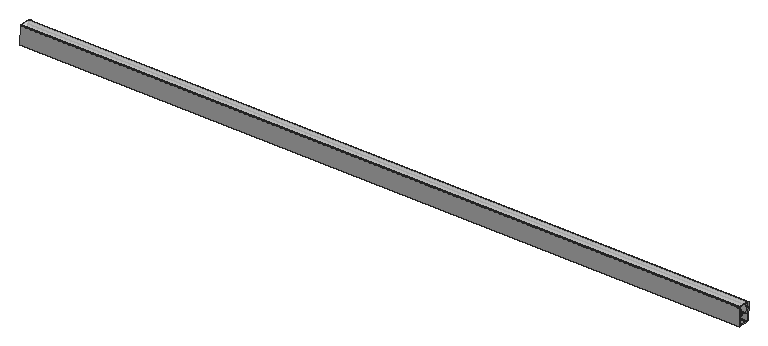
Revit family "2093119 Sylvania Lighting Fixture MC2 3-6M 4K DALI WHT OPAL Surface", category Lighting Fixtures, host Face, Revit 2016
Family settings
  Host = Face
  Part Type = Normal
  Round Connector Dimension = Use Diameter
  OmniClass Number = 23.80.70.11.17
  OmniClass Title = Specialized Lighting by Location or Use
  Cut with Voids When Loaded = No
  Light Source = Yes
  Shared = No
  Room Calculation Point = No
Parameters (values of type "2093119 MC2 3.6M 4K DALI WHT OPAL Surface")
  Width_SYL = 54.0 mm
  Weight = "7.5 kg"
  Wattage = 63 W
  WarrantyStartDate [instance] = "n/a"
  WarrantyGuarantorParts = "n/a"
  WarrantyDurationUnit = "n/a"
  WarrantyDurationParts = "n/a"
  WarrantyDescription = "n/a"
  built-in parameter 1150110 = 1 (stored number, unit not read)
  Voltage = 0 V
  URL = "http://www.sylvania-lighting.com"
  TypeName = "MC2 3.6M 4K DALI WHT OPAL Surface"
  built-in parameter 1114217 = 1 (stored number, unit not read)
  Tilt Angle = -90.00°
  built-in parameter 1150109 = 1 (stored number, unit not read)
  built-in parameter 1150134 = 12
  built-in parameter 1150113 = 1 (stored number, unit not read)
  SerialNumber [instance] = "n/a"
  PowerFactor = 0.98
  PowerConsumption = "63 W"
  NominalWidth = 0.0 mm
  NominalLength = 3600.0 mm
  NominalHeight = 86.0 mm
  Name = "MC2 3.6M 4K DALI WHT OPAL Surface"
  ModelReference = "MC2 3.6M 4K DALI WHT OPAL Surface"
  ModelNumber = "2093119"
  Material_3_SYL = Metal_Sylvania_Mini Contiuum II_Silver
  Photometric Web File = "2093119.ies"
  Material_4_SYL = Metal_Sylvania_Mini Contiuum II_Silver
  Material = "aluminium housing, polycarbonate diffuser"
  ManufacturerName = "Feilo Sylvania"
  LuminousEfficacy = "111 lm/W"
  LuminaireType = ""
  LightOutputRatio = "100"
  Length_SYL = 3600.0 mm
  LampsType = Lamp  # "LED"
  LampNominalLuminous = "7020 lm"
  LampMacAdamStep = "3"
  LampColourTemperature = "4000 K"
  LampColourRenderingIndex = "80"
  Keynote = "16500"
  InstallationDate [instance] = "n/a"
  InputVoltage = "n/a"
  InputNominalFrequency = "n/a"
  IngressProtection = "IP20"
  ImpactProtectionIndex = "n/a"
  IfcExportType = "IfcLightFixtureType"
  IfcExportAs = "IfcLightFixtureType"
  Height_SYL = 86.0 mm
  ExpectedLife = 50000
  EndCapRight_SYL [instance] = no
  EndCapLeft_SYL [instance] = no
  Emit from Rectangle Width = Width_SYL - 2.0 mm  # 52.0 mm
  Emit from Rectangle Length = Length_SYL  # 3600.0 mm
  Emit Shape Visible in Rendering = no
  ElectricShockClassification = "Class I"
  DurationUnit = "hours"
  DocumentationLiterature = "http://www.sylvania-lighting.com/product/en-int/products/2093119"
  DimmingControlOptions = "n/a"
  CreatedOn = "10/15/2018"
  CreatedBy = "@sylvania-lighting.com"
  built-in parameter 1114216 [instance] = 1 (stored number, unit not read)
  Model = "MC2 3.6M 4K DALI WHT OPAL Surface"
  Manufacturer = "Feilo Sylvania"
  built-in parameter 1150105 = 556.49 (stored number, unit not read)
  Lumens = 6993 lm
  built-in parameter 1150115 = 1 (stored number, unit not read)
  built-in parameter 1150137 = (empty or 0)
  built-in parameter 1150139 = (empty or 0)
  built-in parameter 1150112 = 1 (stored number, unit not read)
  built-in parameter 1150114 = 1 (stored number, unit not read)
  Lamp = "LED"
  built-in parameter 1150132 = 2
  built-in parameter 1150102 = (empty or 0)
  built-in parameter 1150107 = 4000 (stored number, unit not read)
  built-in parameter 1150138 = (empty or 0)
  built-in parameter 1150106 = 5.5649 (stored number, unit not read)
  Material_1_SYL = Metal_Sylvania_Mini Continuum II_White
  built-in parameter 1150104 = 10.312 (stored number, unit not read)
  Dimming Lamp Color Temperature Shift = <None>
  Material_2_SYL = Polycarbonate_Sylvania_Mini Continuum II_Opal_4000K
  Description = "2093119   MC2 3.6M 4K DALI WHT OPAL  Continuous lines of LED light, white RAL 9016, direct distribution, trimless detail for a seamless finish, suitable for recessed, semi-recessed, surface-mounted or suspended installation either horizontally or vertically, various accessories available, compact and minimalist design based on the Golden Mean, ideal for offices, meeting rooms, corridors, education facilities, museums and libraries, extruded aluminium body, diffuser: opal, colour temperature: 4000K neutral white, total system power: 63W, total fixture output: 6621lm, luminaire efficacy: 105lm/W, LOR: 100%, colour rendering: Ra >80, LED Chromacity: 1 step MacAdam ellipse, lifetime: 60,000 hours at 90% of the original output (L90), energy class: A++, A+, A, IR/UV free light source without heat radiation, operating voltage: 220-240V / 50-60Hz, drive current: 800mA, electronic driver, DALI dimmable, electrical protection: CLASS I, IP20, suitable for internal environment only."
  Default Elevation = 0.0 mm
  Color Filter = 16777215
  built-in parameter 1140040 [instance] = 1
  BarCode [instance] = "n/a"
  built-in parameter 1114218 = 1 (stored number, unit not read)
  built-in parameter 1150133 = 10 (stored number, unit not read)
  AssetType = "Fixed"
  AssetIdentifier [instance] = "n/a"
  Assembly Code = "D5020200"
  Apparent Load = 63 VA
Reference planes
  plane 1 "Center (Front/Back)": y = 0
  plane 2 "Bottom Fixtures": z = 0
  plane 3 "Center (Left/Right)": x = 0
  plane 4 "Fixture Left": x = -1800
  plane 5 "Fixture Right": x = 1800
  plane 6 "Fixture Bottom": z = 86
  plane 7: z = 84
  plane 8: z = 82
  plane 9: z = 72.951
  plane 10: z = 42.951
  plane 11 "Fixture Top": z = 0
  plane 12 "Mounting Right": x = 1772
  plane 13 "Mounting Left": x = -1772
  plane 14: y = 27
  plane 15: y = -27
  plane 16: y = -26
  plane 17: y = -25
  plane 18: y = 26
  plane 19: y = 25
  plane 20: y = 11
  plane 21: y = -11
  plane 22: y = 24
  plane 23: y = 22
  plane 24: y = -22
  plane 25: y = 15
  plane 26: y = -15
  plane 27 "Upper Diffuser Left": x = -1650
  plane 28 "Upper Diffuser Right": x = 1650
  plane 29: x = -1802
  plane 30: x = 1802
Forms (mm)
  Extrusion 1, solid, material "Metal_Sylvania_Mini Continuum II_White" <- "Material_1_SYL", detail levels fine
    sketch origin (0, 0, 520) x (0, 1, 0) y (0, 0, 1)
      loop
        line (27, -434) -> (26, -434) -> (26, -436) -> (25, -436) -> (25, -518) -> (13, -518) -> (13, -516) -> (-13, -516) -> (-13, -518) -> (-25, -518) -> (-25, -436) -> (-26, -436) -> (-26, -434) -> (-27, -434) -> (-27, -520) -> (-11, -520) -> (-11, -518) -> (11, -518) -> (11, -520) -> (27, -520) -> (27, -434)
    from -1800 to 1800
  Extrusion 2, solid, material "Polycarbonate_Sylvania_Mini Continuum II_Opal_4000K" <- "Material_2_SYL", detail levels fine
    sketch origin (0, 0, 520) x (0, 1, 0) y (0, 0, 1)
      loop
        line (-26, -434) -> (-26, -436) -> (26, -436) -> (26, -434) -> (-26, -434)
    from -1800 to 1800
  Extrusion 3, solid, material "Metal_Sylvania_Mini Contiuum II_Silver" <- "Material_3_SYL", detail levels fine
    sketch origin (0, 0, 520) x (0, 1, 0) y (0, 0, 1)
      loop
        line (22, -447.049) -> (20.973, -447.049) -> (14.206, -476.049) -> (11, -476.049) -> (11, -477.049) -> (15, -477.049) -> (22, -447.049)
      loop
        line (-15, -477.049) -> (-11, -477.049) -> (-11, -476.049) -> (-14.206, -476.049) -> (-20.973, -447.049) -> (-22, -447.049) -> (-15, -477.049)
    from -1800 to 1800
  Extrusion 4, solid, material "Metal_Sylvania_Mini Continuum II_White" <- "Material_1_SYL", detail levels coarse+medium
    sketch origin (0, 0, 520) x (0, 1, 0) y (0, 0, 1)
      loop
        line (-27, -434) -> (-27, -520) -> (27, -520) -> (27, -434) -> (-27, -434)
    from -1800 to 1800
  Extrusion 5, solid, material "Metal_Sylvania_Mini Continuum II_White" <- "Material_1_SYL", visible <- "EndCapLeft_SYL"
    sketch origin (-1800, 171.684, 1219.2) x (0, 1, 0) y (0, 0, 1)
      loop
        line (-198.684, -1219.2) -> (-144.684, -1219.2) -> (-144.684, -1133.2) -> (-198.684, -1133.2) -> (-198.684, -1219.2)
    from 0 to -2
  Extrusion 6, solid, material "Metal_Sylvania_Mini Continuum II_White" <- "Material_1_SYL", visible <- "EndCapRight_SYL"
    sketch origin (1800, 171.684, 1219.2) x (0, 1, 0) y (0, 0, -1)
      loop
        line (-144.684, 1133.2) -> (-144.684, 1219.2) -> (-198.684, 1219.2) -> (-198.684, 1133.2) -> (-144.684, 1133.2)
    from 0 to -2
Lines and regions (mm)
  Masking region 1
    outline origin (0, 0, -86) x (-1, 0, 0) y (0, -1, 0)
      loop
        line (1800, -27) -> (1800, 27) -> (-1800, 27) -> (-1800, -27) -> (1800, -27)
  symbolic lines, detail levels fine
    curve 1: line (-1800, 26, -86) -> (1800, 26, -86)
    curve 2: line (-1800, -26, -86) -> (1800, -26, -86)
Dimensions and locks
  host sketch curve to plane 3 "Center (Left/Right)" to host sketch curve = 820.0 mm, 775.047 mm
  equal spacing: plane 4 "Fixture Left", plane 3 "Center (Left/Right)", plane 5 "Fixture Right"
  "Length_SYL": plane 4 "Fixture Left" to plane 5 "Fixture Right"
  plane 6 "Fixture Bottom" to plane 7 to plane 8 to plane 9 to plane 10 = 2.0 mm locked, 2.0 mm locked, 9.049 mm locked, 30.0 mm locked
  locked: Extrusion 1 sketch curve to Extrusion 1 sketch curve at 2
  locked: Extrusion 1 sketch curve to plane 11 "Fixture Top" at 2
  "Height_SYL": plane 6 "Fixture Bottom" to plane 11 "Fixture Top"
  locked: plane 12 "Mounting Right" to plane 5 "Fixture Right" at 28
  locked: plane 4 "Fixture Left" to plane 13 "Mounting Left" at 28
  plane 6 "Fixture Bottom" to plane 2 "Bottom Fixtures" = 86.0 mm
  equal spacing: plane 14, plane 1 "Center (Front/Back)", plane 15
  "Width_SYL": plane 14 to plane 15
  plane 21 to plane 26 to plane 24 to plane 17 to plane 16 to plane 15 = 4.0 mm locked, 7.0 mm locked, 3.0 mm locked, 1.0 mm locked, 1.0 mm locked
  plane 14 to plane 18 to plane 19 to plane 22 to plane 23 to plane 25 to plane 20 = 1.0 mm locked, 1.0 mm locked, 1.0 mm locked, 2.0 mm locked, 7.0 mm locked, 4.0 mm locked
  locked: plane 4 "Fixture Left" to plane 27 "Upper Diffuser Left" at 150
  locked: plane 28 "Upper Diffuser Right" to plane 5 "Fixture Right" at 150
  equal spacing: plane 29, plane 3 "Center (Left/Right)", plane 30
  locked: plane 29 to plane 4 "Fixture Left" at 2
  aligned and locked: plane 2 "Bottom Fixtures" to host face
  aligned and locked: level to host face
  aligned and locked: plane 5 "Fixture Right" to curve 1
  aligned and locked: plane 4 "Fixture Left" to curve 1
  aligned and locked: plane 4 "Fixture Left" to curve 2
  aligned and locked: plane 5 "Fixture Right" to curve 2
  aligned and locked: Extrusion 1 sketch curve to plane 7
  aligned and locked: plane 6 "Fixture Bottom" to Extrusion 1 sketch curve  (x2)
  aligned and locked: plane 7 to Extrusion 1 sketch curve
  aligned and locked: Extrusion 1 to Extrusion 2 sketch curve
  aligned and locked: Extrusion 2 sketch curve to Extrusion 1  (x3)
  aligned and locked: Extrusion 3 sketch curve to plane 10
  aligned and locked: plane 9 to Extrusion 3 sketch curve
  aligned and locked: Extrusion 3 sketch curve to plane 9
  aligned and locked: Extrusion 4 sketch curve to plane 6 "Fixture Bottom"
  aligned and locked: Extrusion 4 to plane 4 "Fixture Left"
  aligned and locked: Extrusion 2 to plane 4 "Fixture Left"
  aligned and locked: Extrusion 3 to plane 4 "Fixture Left"
  aligned and locked: Extrusion 1 to plane 4 "Fixture Left"
  aligned and locked: Extrusion 4 to plane 5 "Fixture Right"
  aligned and locked: Extrusion 2 to plane 5 "Fixture Right"
  aligned and locked: Extrusion 3 to plane 5 "Fixture Right"
  aligned and locked: Extrusion 1 to plane 5 "Fixture Right"
  aligned and locked: plane 11 "Fixture Top" to Extrusion 4 sketch curve
  aligned and locked: Extrusion 1 sketch curve to plane 11 "Fixture Top"  (x2)
  aligned and locked: Extrusion 1 sketch curve to Extrusion 1 sketch curve
  aligned and locked: plane 6 "Fixture Bottom" to imposter light
  aligned and locked: plane 20 to Extrusion 3 sketch curve
  aligned and locked: Extrusion 3 sketch curve to plane 21
  aligned and locked: Extrusion 5 sketch curve to Extrusion 4  (x4)
  aligned and locked: Extrusion 5 to plane 29
  aligned and locked: plane 4 "Fixture Left" to Extrusion 5
  aligned and locked: Extrusion 6 sketch curve to Extrusion 4  (x4)
  aligned and locked: plane 30 to Extrusion 6
  aligned and locked: plane 5 "Fixture Right" to Extrusion 6
Automatic sketch dimensions
  host sketch curve to host sketch curve = 1047.463 mm
  plane 18 to curve 1 = 0.0 mm
  curve 2 to plane 16 = 0.0 mm
  Masking region 1 sketch curve to plane 5 "Fixture Right" = 0.0 mm
  Masking region 1 sketch curve to plane 4 "Fixture Left" = 0.0 mm
  plane 14 to Masking region 1 sketch curve = 0.0 mm
  Masking region 1 sketch curve to plane 15 = 0.0 mm
  Extrusion 1 sketch curve to plane 15 = 0.0 mm
  Extrusion 1 sketch curve to plane 16 = 0.0 mm
  Extrusion 1 sketch curve to plane 17 = 0.0 mm
  Extrusion 1 sketch curve to plane 21 = 0.0 mm
  Extrusion 1 sketch curve to plane 20 = 0.0 mm
  Extrusion 1 sketch curve to plane 19 = 0.0 mm
  Extrusion 1 sketch curve to plane 18 = 0.0 mm
  Extrusion 1 sketch curve to plane 14 = 0.0 mm
  plane 11 "Fixture Top" to Extrusion 1 sketch curve = 2.0 mm
  Extrusion 1 sketch curve to plane 21 = 2.0 mm
  Extrusion 1 sketch curve to plane 20 = 2.0 mm
  Extrusion 3 sketch curve to plane 24 = 0.0 mm
  Extrusion 3 sketch curve to plane 26 = 0.0 mm
  Extrusion 3 sketch curve to plane 25 = 0.0 mm
  Extrusion 3 sketch curve to plane 23 = 0.0 mm
  plane 10 to Extrusion 3 sketch curve = 1.0 mm
  Extrusion 3 sketch curve to Extrusion 3 sketch curve = 1.027 mm
  plane 26 to Extrusion 3 sketch curve = 0.794 mm
  plane 25 to Extrusion 3 sketch curve = 0.794 mm
  plane 23 to Extrusion 3 sketch curve = 1.027 mm
  Extrusion 4 sketch curve to plane 15 = 0.0 mm
  Extrusion 4 sketch curve to plane 14 = 0.0 mm
  Extrusion 3 sketch curve to Extrusion 3 sketch curve = 0.0 mm
  Extrusion 3 sketch curve to plane 10 = 0.0 mm
Connectors
  electrical at (1800, 0, 35), driven by "Apparent Load"
    settings: on Extrusion 1, index 1, voltage 230 V, apparent load 0 VA, apparent load phase1 63 VA, apparent load phase2 0 VA, apparent load phase3 0 VA, power factor 1, load classification "Lighting", number of poles 1, system type 31, power factor state 1, is connector primary yes, connector utility no, sub classification motor no, connector description ""
